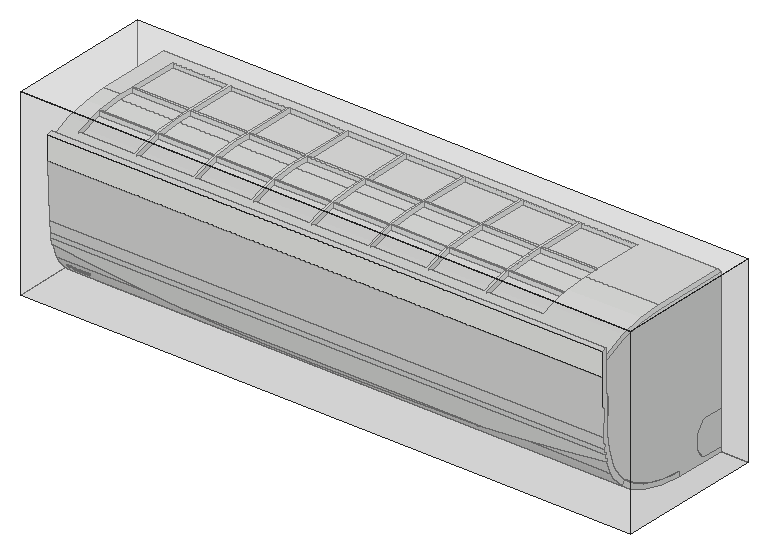
Revit family "outputfile", category 機械設備, Revit 2024
Family settings
  丸型コネクタ寸法 = 半径を使用
  パーツ タイプ = 標準
  OmniClass 番号 = 23.75.10.24.21.27.27
  OmniClass タイトル = Split System Air Conditioning Units
  作業面ベース = いいえ
  常に垂直 = はい
  ロード時にボイドで切り取り = いいえ
  注釈の向きを維持 = いいえ
  共有 = いいえ
  部屋計算ポイント = いいえ
Parameters (values of type "CTKC18SV2S")
  Description = ""
  書き出し IFC クラス(タイプ) = "IfcUnitaryEquipmentType"
  定義済み IFC タイプ(タイプ) = "AIRCONDITIONINGUNIT"
  Cost = 0
  Type Comments = ""
  Keynote = ""
  Type Image = (empty or 0)
  Assembly Code = ""
  w_wall hole = if(Width = 770.0 mm, 48.0 mm, 60.0 mm)  # 60.0 mm
  製造元 = "Daikin"
  モデル = "CTKC18SV2S"
  switch_frequency = yes
  r_Liquid Pipe Size = Liquid Pipe Size / 2  # 3.2 mm
  r_Gas Pipe Size = Gas Pipe Size / 2  # 6.35 mm
  r_Drain Pipe Size = Drain Pipe Size / 2  # 8.0 mm
  lw_powersupply [instance] = if(Width = 770.0 mm, if(or(Rear Right Connection_refrigerant, Bottom Right Connection_refrigerant), 25.0 mm, if(or(Rear Left Connection_refrigerant, Bottom Left Connection_refrigerant), 745.0 mm, 400.0 mm)), if(Width = 990.0 mm, if(or(Rear Right Connection_refrigerant, Bottom Right Connection_refrigerant), 40.0 mm, if(or(Rear Left Connection_refrigerant, Bottom Left Connection_refrigerant), 920.0 mm, 400.0 mm)), if(or(Rear Right Connection_refrigerant, Bottom Right Connection_refrigerant), 40.0 mm, if(or(Rear Left Connection_refrigerant, Bottom Left Connection_refrigerant), 920.0 mm, 400.0 mm))))  # 400.0 mm
  lw_liquidpipe [instance] = if(Width = 770.0 mm, if(or(Rear Right Connection_refrigerant, Bottom Right Connection_refrigerant), 0.0 mm, if(or(Rear Left Connection_refrigerant, Bottom Left Connection_refrigerant), 664.0 mm, 385.0 mm)), if(Width = 990.0 mm, if(or(Rear Right Connection_refrigerant, Bottom Right Connection_refrigerant), 0.0 mm, if(or(Rear Left Connection_refrigerant, Bottom Left Connection_refrigerant), 664.0 mm + (990.0 mm - 770.0 mm), 475.0 mm)), if(or(Rear Right Connection_refrigerant, Bottom Right Connection_refrigerant), 0.0 mm, if(or(Rear Left Connection_refrigerant, Bottom Left Connection_refrigerant), 664.0 mm + (990.0 mm - 770.0 mm), 475.0 mm))))  # 475.0 mm
  lw_gaspipe [instance] = if(Width = 770.0 mm, if(or(Rear Right Connection_refrigerant, Bottom Right Connection_refrigerant), 0.0 mm, if(or(Rear Left Connection_refrigerant, Bottom Left Connection_refrigerant), 675.0 mm, if(Gas Pipe Size = 12.7 mm, 345.0 mm, 335.0 mm))), if(Width = 990.0 mm, if(or(Rear Right Connection_refrigerant, Bottom Right Connection_refrigerant), 10.0 mm, if(or(Rear Left Connection_refrigerant, Bottom Left Connection_refrigerant), 890.0 mm, if(Gas Pipe Size = 15.9 mm, 410.0 mm, 400.0 mm))), if(or(Rear Right Connection_refrigerant, Bottom Right Connection_refrigerant), 10.0 mm, if(or(Rear Left Connection_refrigerant, Bottom Left Connection_refrigerant), 890.0 mm, if(Gas Pipe Size = 15.9 mm, 410.0 mm, 400.0 mm)))))  # 400.0 mm
  lw_drainpipe [instance] = if(Width = 770.0 mm, if(or(Rear Right Connection_refrigerant, Bottom Right Connection_refrigerant), 0.0 mm, if(or(Rear Left Connection_refrigerant, Bottom Left Connection_refrigerant), 770.0 mm - 48.0 mm - 48.0 mm, 440.0 mm)), if(Width = 990.0 mm, if(or(Rear Right Connection_refrigerant, Bottom Right Connection_refrigerant), 0.0 mm, if(or(Rear Left Connection_refrigerant, Bottom Left Connection_refrigerant), 675.0 mm + (990.0 mm - 770.0 mm), 435.0 mm)), if(or(Rear Right Connection_refrigerant, Bottom Right Connection_refrigerant), 0.0 mm, if(or(Rear Left Connection_refrigerant, Bottom Left Connection_refrigerant), 675.0 mm + (990.0 mm - 770.0 mm), 435.0 mm))))  # 435.0 mm
  l_powersupply_length [instance] = if(Width = 770.0 mm, if(Right Connection_refrigerant, 400.0 mm, if(Left Connection_refrigerant, 770.0 mm - 400.0 mm, if(or(Rear Left Connection_refrigerant, Rear Right Connection_refrigerant), 15.0 mm, 50.0 mm))), if(Width = 990.0 mm, if(Right Connection_refrigerant, 400.0 mm, if(Left Connection_refrigerant, 990.0 mm - 400.0 mm, if(or(Rear Left Connection_refrigerant, Rear Right Connection_refrigerant), 15.0 mm, 50.0 mm))), if(Right Connection_refrigerant, 400.0 mm, if(Left Connection_refrigerant, 990.0 mm - 400.0 mm, if(or(Rear Left Connection_refrigerant, Rear Right Connection_refrigerant), 15.0 mm, 50.0 mm)))))  # 400.0 mm
  l_liquidpipe_length [instance] = if(Width = 770.0 mm, if(Right Connection_refrigerant, 433.0 mm, if(Left Connection_refrigerant, 337.0 mm, if(or(Rear Left Connection_refrigerant, Rear Right Connection_refrigerant), 30.0 mm, 40.0 mm))), if(Width = 990.0 mm, if(Right Connection_refrigerant, 535.0 mm, if(Left Connection_refrigerant, 455.0 mm, if(or(Rear Left Connection_refrigerant, Rear Right Connection_refrigerant), 30.0 mm, 40.0 mm))), if(Right Connection_refrigerant, 535.0 mm, if(Left Connection_refrigerant, 455.0 mm, if(or(Rear Left Connection_refrigerant, Rear Right Connection_refrigerant), 30.0 mm, 40.0 mm)))))  # 535.0 mm
  l_gaspipe_length [instance] = if(Width = 770.0 mm, if(Right Connection_refrigerant, if(Gas Pipe Size = 12.7 mm, 393.0 mm, 383.0 mm), if(Left Connection_refrigerant, if(Gas Pipe Size = 12.7 mm, 770.0 mm - 393.0 mm, 770.0 mm - 383.0 mm), if(or(Rear Left Connection_refrigerant, Rear Right Connection_refrigerant), 40.0 mm, 50.0 mm))), if(Width = 990.0 mm, if(Right Connection_refrigerant, if(Gas Pipe Size = 15.9 mm, 470.0 mm, 460.0 mm), if(Left Connection_refrigerant, if(Gas Pipe Size = 15.9 mm, 990.0 mm - 470.0 mm, 990.0 mm - 460.0 mm), if(or(Rear Left Connection_refrigerant, Rear Right Connection_refrigerant), 40.0 mm, 50.0 mm))), if(Right Connection_refrigerant, if(Gas Pipe Size = 15.9 mm, 470.0 mm, 460.0 mm), if(Left Connection_refrigerant, if(Gas Pipe Size = 15.9 mm, 990.0 mm - 470.0 mm, 990.0 mm - 460.0 mm), if(or(Rear Left Connection_refrigerant, Rear Right Connection_refrigerant), 40.0 mm, 50.0 mm)))))  # 460.0 mm
  l_drainpipe_length [instance] = if(Width = 770.0 mm, if(Right Connection_refrigerant, 488.0 mm, if(Left Connection_refrigerant, 282.0 mm, if(or(Rear Left Connection_refrigerant, Rear Right Connection_refrigerant), 15.0 mm, 20.0 mm))), if(Width = 990.0 mm, if(Right Connection_refrigerant, 495.0 mm, if(Left Connection_refrigerant, 495.0 mm, if(or(Rear Left Connection_refrigerant, Rear Right Connection_refrigerant), 15.0 mm, 20.0 mm))), if(Right Connection_refrigerant, 495.0 mm, if(Left Connection_refrigerant, 495.0 mm, if(or(Rear Left Connection_refrigerant, Rear Right Connection_refrigerant), 15.0 mm, 20.0 mm)))))  # 495.0 mm
  h*** = 0.0 mm  # constant formula
  connector_voltage = Voltage_50Hz  # 220 V
  connector_powerinput = [Power Input (Cooling)]  # 0.000 kW
  connector_phase = Phase_50Hz  # 1
  angle_vertical [instance] = if(or(Bottom Left Connection_refrigerant, Bottom Right Connection_refrigerant), 0.00°, 90.00°)  # 90.00°
  angle_horizontal [instance] = if(Right Connection_refrigerant, 90.00°, if(Left Connection_refrigerant, -90.00°, if(or(Rear Left Connection_refrigerant, Rear Right Connection_refrigerant), 180.00°, 0.00°)))  # 90.00°
  Width = 990.0 mm
  Voltage_comment_50Hz = "220 - 240"
  Voltage_50Hz = 220 V
  Version = "ver.1.0"
  Unit Type = "Wall Mounted"
  Unit Mass Weight = 12.00 kg
  Unit Designation [instance] = ""
  Uniclass2015Version = "Products v1.30"
  Uniclass2015Title = "Split coil room air conditioning units"
  Uniclass2015Code = "Pr_70_65_03_86"
  URL = ""
  Total Cooling Capacity [instance] = 0.000 kW
  Sound Pressure Level_M speed (dBA) = 40
  Sound Pressure Level_L speed (dBA) = 35
  Sound Pressure Level_H speed (dBA) = 44
  Sound Power Level_H speed (dB) = 0
  Series = "Multi Split_Fan Coil Unit"
  Sensible Cooling Capacity [instance] = 0.000 kW
  Refrigerant Type = "R32"
  Power Input (Cooling) = 0.000 kW
  Phase_50Hz = 1
  Option Accessory 3 [instance] = ""
  Option Accessory 2 [instance] = ""
  Option Accessory 1 [instance] = ""
  Nominal Cooling Capacity = 5.000 kW
  Minimum Circuit Amps_50Hz = 0.0 A
  Minimum Airflow = 900.00 m³/h
  Median Airflow = 1030.00 m³/h
  Maximum Fuse Amps_50Hz = 0.0 A
  Maximum Airflow = 1150.00 m³/h
  Material_Casing = DAIKIN_White_Casing_indoorunit
  Load Classification = HVAC
  Liquid Pipe Size = 6.4 mm
  Link_Nested Family [instance] = ""
  IfcVersion = ""
  IfcExportType = "AIRCONDITIONINGUNIT"
  IfcExportAs = "IfcUnitaryEquipmentType"
  Height = 295.0 mm
  Heat Exchanger Type = "Cross Fin Coil"
  Gas Pipe Size = 12.7 mm
  Frequency_50Hz = 50 Hz
  Fan Type = "Cross Flow Fan"
  Fan Drive = "Direct Drive"
  FCU Tag No. [instance] = ""
  Drain Pipe Size = 16.0 mm
  Design Supply Airflow [instance] = 0.00 m³/h
  Depth = 263.0 mm
  既定の高さ = 0.0 mm
  Cooling Entering Wet Bulb Temperature [instance] = 0.00 °C
  Cooling Entering Dry Bulb Temperature [instance] = 0.00 °C
  Cooling Ambient Wet Bulb Temperature [instance] = 0.00 °C
  Cooling Ambient Dry Bulb Temperature [instance] = 0.00 °C
  Clearance visibility [instance] = yes
  Clearance Top = 30.0 mm
  Clearance Right = 50.0 mm
  Clearance Rear = 0.0 mm
  Clearance Left = 50.0 mm
  Clearance Front = 0.0 mm
  Clearance Bottom = 0.0 mm
  Bottom Right Connection_refrigerant [instance] = no
  Bottom Left Connection_refrigerant [instance] = no
  Rear Right Connection_refrigerant [instance] = no
  Rear Left Connection_refrigerant [instance] = no
  Right Connection_refrigerant [instance] = yes
  Left Connection_refrigerant [instance] = no
Reference planes
  plane 1 "Back": y = 0
  plane 2: z = 0
  plane 3 "Center (Left/Right)": x = 0
  plane 4 "Center (Front/Back)": y = -131.5
  plane 5 "Front": y = -263
  plane 6 "Left": x = -495
  plane 7 "Right": x = 495
  plane 8 "Top": z = 0
  plane 9 "Bottom": z = -295
  plane 10: x = -545
  plane 11: x = 545
  plane 12: y = 0
  plane 13: y = -263
  plane 14: z = 30
  plane 15: z = -295
  plane 16 "lw_Piping and Wiring intake": x = 435
  plane 17 "lw_gaspipe": x = 35
  plane 18 "lw_liquidpipe": x = -40
  plane 19 "lw_drainpipe": x = 0
  plane 20 "lh_drainpipe": z = -275
  plane 21 "lh_liquidpipe": z = -255
  plane 22 "lh_gaspipe": z = -245
  plane 23 "ld_drainpipe": y = -15
  plane 24 "ld_liquidpipe": y = -30
  plane 25 "ld_gaspipe": y = -40
  plane 26 "lw_powersupply": x = 95
Dimensions and locks
  equal spacing: plane 6 "Left", plane 3 "Center (Left/Right)", plane 7 "Right"
  "Width": plane 6 "Left" to plane 7 "Right"
  equal spacing: plane 5 "Front", plane 4 "Center (Front/Back)", plane 1 "Back"
  "Depth": plane 5 "Front" to plane 1 "Back"
  "Height": plane 8 "Top" to plane 9 "Bottom"
  "Clearance Rear": plane 12 to plane 1 "Back"
  "Clearance Front": plane 13 to plane 5 "Front"
  "Clearance Top": plane 14 to plane 8 "Top"
  "Clearance Bottom": plane 9 "Bottom" to plane 15
  "w_wall hole": plane 16 "lw_Piping and Wiring intake" to plane 7 "Right"
  "lw_gaspipe": plane 17 "lw_gaspipe" to plane 16 "lw_Piping and Wiring intake"
  "lw_liquidpipe": plane 18 "lw_liquidpipe" to plane 16 "lw_Piping and Wiring intake"
  "lw_drainpipe": plane 19 "lw_drainpipe" to plane 16 "lw_Piping and Wiring intake"
  locked: plane 20 "lh_drainpipe" to plane 9 "Bottom" at 20
  locked: plane 21 "lh_liquidpipe" to plane 9 "Bottom" at 40
  locked: plane 22 "lh_gaspipe" to plane 9 "Bottom" at 50
  locked: plane 23 "ld_drainpipe" to plane 1 "Back" at 15
  locked: plane 1 "Back" to plane 24 "ld_liquidpipe" at 30
  locked: plane 1 "Back" to plane 25 "ld_gaspipe" at 40
  "lw_powersupply": plane 26 "lw_powersupply" to plane 7 "Right"
  "Clearance Right": plane 7 "Right" to plane 11
  "Clearance Left": plane 10 to plane 6 "Left"
  aligned and locked: level to plane 2
  aligned and locked: plane 12 to nested 1
  aligned and locked: nested 1 to plane 13
  aligned and locked: plane 10 to nested 1
  aligned and locked: plane 11 to nested 1
  aligned and locked: plane 15 to nested 1
  aligned and locked: plane 14 to nested 1
  aligned and locked: plane 17 "lw_gaspipe" to nested 2
  aligned and locked: nested 2 to plane 25 "ld_gaspipe"
  aligned and locked: plane 18 "lw_liquidpipe" to nested 3
  aligned and locked: nested 3 to plane 24 "ld_liquidpipe"
  aligned and locked: plane 19 "lw_drainpipe" to nested 4
  aligned and locked: nested 4 to plane 23 "ld_drainpipe"
  aligned and locked: nested 5 to plane 23 "ld_drainpipe"
  aligned and locked: plane 26 "lw_powersupply" to nested 5
  aligned and locked: level to plane 8 "Top"
  aligned and locked: plane 3 "Center (Left/Right)" to nested 6
  aligned and locked: plane 1 "Back" to nested 6
  aligned and locked: plane 8 "Top" to nested 6
Nested families
  nested 1: "daikin_clearancespace" at (0, -131.5, -132.381), show <- "Clearance visibility", visible <- "Clearance visibility", Link_Nested Family <- "Link_Nested Family", type "daikin_clearancespace"
    with width 1090.0 mm, show yes, height 325.0 mm, depth 263.0 mm, Link_Nested Family ""
  nested 2: "daikin_connector_rotate3" at (35, -40, -245), angle_vertical <- "angle_vertical", angle_horizontal <- "angle_horizontal", length <- "l_gaspipe_length", radius <- "r_Gas Pipe Size", type "daikin_connector_rotate3"
    with show no, radius 6.35 mm, length 460.0 mm, angle_vertical 90.00°, angle_horizontal 90.00°
  nested 3: "daikin_connector_rotate3" at (-40, -30, -255), angle_vertical <- "angle_vertical", angle_horizontal <- "angle_horizontal", radius <- "r_Liquid Pipe Size", length <- "l_liquidpipe_length", type "daikin_connector_rotate3"
    with show no, radius 3.2 mm, length 535.0 mm, angle_vertical 90.00°, angle_horizontal 90.00°
  nested 4: "daikin_connector_rotate3" at (0, -15, -275), angle_vertical <- "angle_vertical", angle_horizontal <- "angle_horizontal", length <- "l_drainpipe_length", radius <- "r_Drain Pipe Size", type "daikin_connector_rotate3"
    with show no, radius 8.0 mm, length 495.0 mm, angle_vertical 90.00°, angle_horizontal 90.00°
  nested 5: "daikin_connector_rotate3" at (95, -15, -245), angle_vertical <- "angle_vertical", angle_horizontal <- "angle_horizontal", length <- "l_powersupply_length", type "daikin_connector_rotate3"
    with show no, radius 10.0 mm, length 400.0 mm, angle_vertical 90.00°, angle_horizontal 90.00°
  nested 6: "DAIKIN_indoorunit_CTKC-SV2S" at (-31, 0, 0), type "CTKC-SV2S"
Connectors
  piping at (495, -40, -245), diameter 12.7, driven by "r_Gas Pipe Size"
    settings: on nested 2, index 1, connector inside diameter 609.6 mm, connector length 0.0 mm, flow factor 0, pipe flow 0.00 m³/h, pressure drop 0.0 Pa, fitting loss kfactor 0, connector angle 0.00°, fixture units 0, engagement length 0.0 mm, angle of deflection 0.00°, flow configuration 1, flow direction 2, fitting loss method 0, system type 29, joint type 0, gender type 0, connector reference index -1, connector utility 0, adjustable connector no, is connector primary yes, connector description "Refrigerant Gas Piping"
  piping at (495, -30, -255), diameter 6.4, driven by "r_Liquid Pipe Size"
    settings: on nested 3, index 2, connector inside diameter 609.6 mm, connector length 0.0 mm, flow factor 0, pipe flow 0.00 m³/h, pressure drop 0.0 Pa, fitting loss kfactor 0, connector angle 0.00°, fixture units 0, engagement length 0.0 mm, angle of deflection 0.00°, flow configuration 1, flow direction 1, fitting loss method 0, system type 29, joint type 0, gender type 0, connector reference index -1, connector utility 0, adjustable connector no, is connector primary no, connector description "Refrigerant Liquid Piping"
  piping at (495, -15, -275), diameter 16, driven by "r_Drain Pipe Size"
    settings: on nested 4, index 3, connector inside diameter 609.6 mm, connector length 0.0 mm, flow factor 0, pipe flow 0.00 m³/h, pressure drop 0.0 Pa, fitting loss kfactor 0, connector angle 0.00°, fixture units 0, engagement length 0.0 mm, angle of deflection 0.00°, flow configuration 1, flow direction 2, fitting loss method 4, system type 16, joint type 0, gender type 0, connector reference index -1, connector utility 0, adjustable connector no, is connector primary no, connector description "Condensate Drain Piping"
  electrical at (495, -15, -245), driven by "Load Classification", driven by "connector_voltage", driven by "connector_phase", driven by "connector_powerinput"
    settings: on nested 5, index 4, voltage 220 V, apparent load 0 VA, apparent load phase1 0 VA, apparent load phase2 0 VA, apparent load phase3 0 VA, power factor 1, load classification "HVAC", number of poles 1, system type 30, power factor state 1, is connector primary yes, connector utility no, sub classification motor no, connector description "Power Supply"
Definition of nested family "daikin_clearancespace"
  Parameters (values of type "daikin_clearancespace")
    Description = "daikin_clearancespace"
    width [instance] = 1823.963 mm
    show [instance] = yes
    material = none
    height [instance] = 1359.762 mm
    depth [instance] = 880.0 mm
    Default Elevation = 0.0 mm
    Link_Nested Family [instance] = ""
  Reference planes
    plane 1 "Center (Front/Back)": y = 0
    plane 2 "Center (Elevation)": z = -0.119
    plane 3 "Center (Left/Right)": x = 0
    plane 4: y = 440
    plane 5: y = -440
    plane 6 "Right": x = 911.982
    plane 7 "Left": x = -911.982
    plane 8 "Top": z = 679.762
    plane 9 "Bottom": z = -680
  Forms (mm)
    Extrusion 1, solid, material <- "material", visible <- "show"
      sketch origin (0, 0, 0) x (1, 0, 0) y (0, 1, 0)
        loop
          line (-911.982, 440) -> (-911.982, -440) -> (911.982, -440) -> (911.982, 440) -> (-911.982, 440)
      from -680 to 679.762
  Lines and regions (mm)
    symbolic lines, visible <- "show"
      curve 1: line (911.982, 440, 0) -> (-911.982, 440, 0)
      curve 2: line (-911.982, 440, 0) -> (-911.982, -440, 0)
      curve 3: line (-911.982, -440, 0) -> (911.982, -440, 0)
      curve 4: line (911.982, -440, 0) -> (911.982, 440, 0)
      curve 5: line (911.982, 0, 679.762) -> (-911.982, 0, 679.762)
      curve 6: line (911.982, 0, -680) -> (911.982, 0, 679.762)
      curve 7: line (-911.982, 0, -680) -> (911.982, 0, -680)
      curve 8: line (-911.982, 0, 679.762) -> (-911.982, 0, -680)
      curve 9: line (0, 440, 679.762) -> (0, -440, 679.762)
      curve 10: line (0, -440, 679.762) -> (0, -440, -680)
      curve 11: line (0, 440, -680) -> (0, 440, 679.762)
      curve 12: line (0, -440, -680) -> (0, 440, -680)
  Dimensions and locks
    "width": plane 7 "Left" to plane 6 "Right"
    "depth": plane 4 to plane 5
    "height": plane 8 "Top" to plane 9 "Bottom"
    equal spacing: plane 7 "Left", plane 3 "Center (Left/Right)", plane 6 "Right"
    equal spacing: plane 4, plane 1 "Center (Front/Back)", plane 5
    equal spacing: plane 8 "Top", plane 2 "Center (Elevation)", plane 9 "Bottom"
    aligned and locked: level to plane 2 "Center (Elevation)"
    aligned and locked: Extrusion 1 sketch curve to plane 4
    aligned and locked: plane 7 "Left" to Extrusion 1 sketch curve
    aligned and locked: Extrusion 1 sketch curve to plane 5
    aligned and locked: Extrusion 1 sketch curve to plane 6 "Right"
    aligned and locked: plane 8 "Top" to Extrusion 1
    aligned and locked: curve 1 to Extrusion 1
    aligned and locked: curve 2 to Extrusion 1
    aligned and locked: curve 3 to Extrusion 1
    aligned and locked: curve 4 to Extrusion 1
    aligned and locked: curve 5 to Extrusion 1
    aligned and locked: curve 6 to Extrusion 1
    aligned and locked: curve 7 to Extrusion 1
    aligned and locked: curve 8 to Extrusion 1
    aligned and locked: curve 9 to Extrusion 1
    aligned and locked: curve 10 to Extrusion 1
    aligned and locked: curve 11 to Extrusion 1
    aligned and locked: curve 12 to Extrusion 1
    aligned and locked: Extrusion 1 to plane 9 "Bottom"
Definition of nested family "DAIKIN_indoorunit_CTKC-SV2S"
  Parameters (values of type "CTKC-RV2S")
    Material_Casing = none
    Default Elevation = 0.0 mm
  Reference planes
    plane 1 "Center (Front/Back)": y = 0
    plane 2 "reference_level": z = 0
    plane 3 "Center (Left/Right)": x = 31
    plane 4: x = -464
    plane 5: x = 526
    plane 6: z = -295
  Forms (mm)
    Extrusion 1, solid, material <- "Material_Casing"
      sketch origin (31, 0, 0) x (1, 0, 0) y (0, 0, 1)
        loop
          circle (435, -250.5) r 40
        loop
          circle (-447, -250.5) r 40
      from 0 to 5
    Extrusion 2, solid, material <- "Material_Casing"
      sketch origin (31, 0, 0) x (0, 1, 0) y (0, 0, 1)
        loop
          line (-5, 0) -> (-138, 0)
          arc (-138, 0) -> (-197.611, -7.211) -> (-253.783, -28.427) r 250
          arc (-253.783, -28.427) -> (-253.838, -32.687) -> (-253.886, -36.946) r 2191
          arc (-253.886, -36.946) -> (-197.73, -15.346) -> (-138.014, -8) r 246.393
          line (-138.014, -8) -> (0, -8) -> (-5, 0)
      from -495 to 495
    Extrusion 3, solid, material <- "Material_Casing"
      sketch origin (418, 1296.25, 1200) x (0, 1, 0) y (0, 0, 1)
        loop
          arc (-1515.208, -1454.149) -> (-1506.856, -1460.599) -> (-1497.925, -1466.219) r 110
          arc (-1497.925, -1466.219) -> (-1445.718, -1487.493) -> (-1389.844, -1494.995) r 223
          line (-1389.844, -1494.995) -> (-1389.844, -1486.086) -> (-1404.386, -1486.086)
          arc (-1404.386, -1486.086) -> (-1449.542, -1477.46) -> (-1491.818, -1459.402) r 214.289
          arc (-1491.818, -1459.402) -> (-1501.056, -1453.541) -> (-1509.606, -1446.715) r 101
          line (-1509.606, -1446.715) -> (-1515.208, -1454.149)
      from 108 to 57.5
    Extrusion 4, solid, material <- "Material_Casing"
      sketch origin (31, 0, 0) x (0, 1, 0) y (0, 0, 1)
        loop
          line (-263, -19.962) -> (-263, -61.6)
          arc (-263, -61.6) -> (-262.414, -110.219) -> (-260.656, -158.81) r 2017.341
          arc (-260.656, -158.81) -> (-255.648, -191.935) -> (-244.041, -223.362) r 164.725
          arc (-244.041, -223.362) -> (-233.569, -239.793) -> (-219.717, -253.495) r 87.379
          line (-219.717, -253.495) -> (-214.706, -246.846)
          arc (-214.706, -246.846) -> (-229.564, -230.029) -> (-240.385, -210.371) r 102
          arc (-240.385, -210.371) -> (-249.049, -182.962) -> (-252.848, -154.467) r 165.789
          arc (-252.848, -154.467) -> (-254.771, -90.102) -> (-254.74, -25.708) r 2122.533
          arc (-254.74, -25.708) -> (-254.671, -21.469) -> (-254.594, -17.23) r 2192
          line (-254.594, -17.23) -> (-263, -19.962)
      from -495 to 495
    Extrusion 5, void
      sketch origin (33, 0, 0) x (1, 0, 0) y (0, 1, 0)
        loop
          line (-466.909, -22.316) -> (-466.909, -111.341) -> (-366.303, -111.341) -> (-366.303, -22.316) -> (-466.909, -22.316)
        loop
          line (-362.71, -22.316) -> (-362.71, -111.341) -> (-262.103, -111.341) -> (-262.103, -22.316) -> (-362.71, -22.316)
        loop
          line (-258.51, -22.316) -> (-258.51, -111.341) -> (-157.904, -111.341) -> (-157.904, -22.316) -> (-258.51, -22.316)
        loop
          line (-154.31, -22.316) -> (-154.31, -111.341) -> (-53.704, -111.341) -> (-53.704, -22.316) -> (-154.31, -22.316)
        loop
          line (-50.11, -22.316) -> (-50.11, -111.341) -> (50.496, -111.341) -> (50.496, -22.316) -> (-50.11, -22.316)
        loop
          line (54.089, -22.316) -> (54.089, -111.341) -> (154.696, -111.341) -> (154.696, -22.316) -> (54.089, -22.316)
        loop
          line (158.289, -22.316) -> (158.289, -111.341) -> (258.895, -111.341) -> (258.895, -22.316) -> (158.289, -22.316)
        loop
          line (262.489, -22.316) -> (262.489, -111.341) -> (363.095, -111.341) -> (363.095, -22.316) -> (262.489, -22.316)
        loop
          line (-466.909, -114.459) -> (-466.909, -185.059) -> (-366.303, -185.059) -> (-366.303, -114.459) -> (-466.909, -114.459)
        loop
          line (-362.71, -114.459) -> (-362.71, -185.059) -> (-262.103, -185.059) -> (-262.103, -114.459) -> (-362.71, -114.459)
        loop
          line (-258.51, -114.459) -> (-258.51, -185.059) -> (-157.904, -185.059) -> (-157.904, -114.459) -> (-258.51, -114.459)
        loop
          line (-154.31, -114.459) -> (-154.31, -185.059) -> (-53.704, -185.059) -> (-53.704, -114.459) -> (-154.31, -114.459)
        loop
          line (-50.11, -114.459) -> (-50.11, -185.059) -> (50.496, -185.059) -> (50.496, -114.459) -> (-50.11, -114.459)
        loop
          line (54.089, -114.459) -> (54.089, -185.059) -> (154.696, -185.059) -> (154.696, -114.459) -> (54.089, -114.459)
        loop
          line (158.289, -114.459) -> (158.289, -185.059) -> (258.895, -185.059) -> (258.895, -114.459) -> (158.289, -114.459)
        loop
          line (262.489, -114.459) -> (262.489, -185.059) -> (363.095, -185.059) -> (363.095, -114.459) -> (262.489, -114.459)
        loop
          line (-466.909, -187.382) -> (-466.909, -232.681) -> (-366.303, -232.681) -> (-366.303, -187.382) -> (-466.909, -187.382)
        loop
          line (-362.71, -187.382) -> (-362.71, -232.681) -> (-262.103, -232.681) -> (-262.103, -187.382) -> (-362.71, -187.382)
        loop
          line (-258.51, -187.382) -> (-258.51, -232.681) -> (-157.904, -232.681) -> (-157.904, -187.382) -> (-258.51, -187.382)
        loop
          line (-154.31, -187.382) -> (-154.31, -232.681) -> (-53.704, -232.681) -> (-53.704, -187.382) -> (-154.31, -187.382)
        loop
          line (-50.11, -187.382) -> (-50.11, -232.681) -> (50.496, -232.681) -> (50.496, -187.382) -> (-50.11, -187.382)
        loop
          line (54.089, -187.382) -> (54.089, -232.681) -> (154.696, -232.681) -> (154.696, -187.382) -> (54.089, -187.382)
        loop
          line (158.289, -187.382) -> (158.289, -232.681) -> (258.895, -232.681) -> (258.895, -187.382) -> (158.289, -187.382)
        loop
          line (262.489, -187.382) -> (262.489, -232.681) -> (363.095, -232.681) -> (363.095, -187.382) -> (262.489, -187.382)
      from -40.013 to 47.268
    Extrusion 6, void
      sketch origin (33, 0, 2300) x (1, 0, 0) y (0, 0, 1)
        loop
          line (705, -2672.872) -> (705, -2462.4)
          arc (705, -2462.4) -> (-2.043, -2534.819) -> (-709, -2461.567) r 3467.757
          line (-709, -2461.567) -> (-709, -2672.872) -> (705, -2672.872)
      from 173 to 315.3
    Extrusion 7, solid, material <- "Material_Casing"
      sketch origin (-356, 1296.25, 1200) x (0, 1, 0) y (0, 0, -1)
        loop
          line (-1515.208, 1454.149) -> (-1509.606, 1446.715)
          arc (-1509.606, 1446.715) -> (-1501.056, 1453.541) -> (-1491.818, 1459.402) r 101
          arc (-1491.818, 1459.402) -> (-1449.542, 1477.46) -> (-1404.386, 1486.086) r 214.289
          line (-1404.386, 1486.086) -> (-1389.844, 1486.086) -> (-1389.844, 1494.995)
          arc (-1389.844, 1494.995) -> (-1445.718, 1487.493) -> (-1497.925, 1466.219) r 223
          arc (-1497.925, 1466.219) -> (-1506.856, 1460.599) -> (-1515.208, 1454.149) r 110
      from 108 to 61
    Extrusion 8, solid, material <- "Material_Casing"
      sketch origin (418, 1296.25, 1200) x (0, 1, 0) y (0, 0, 1)
        loop
          arc (-1515.208, -1454.149) -> (-1506.856, -1460.599) -> (-1497.925, -1466.219) r 110
          arc (-1497.925, -1466.219) -> (-1463.185, -1482.066) -> (-1426.25, -1491.755) r 223
          line (-1426.25, -1491.755) -> (-1426.25, -1483.166)
          arc (-1426.25, -1483.166) -> (-1460.008, -1473.969) -> (-1491.818, -1459.402) r 214.289
          arc (-1491.818, -1459.402) -> (-1501.056, -1453.541) -> (-1509.606, -1446.715) r 101
          line (-1509.606, -1446.715) -> (-1515.208, -1454.149)
      from 56.5 to -36.993
    Extrusion 9, solid, material <- "Material_Casing"
      sketch origin (418, 1296.25, 1200) x (0, 1, 0) y (0, 0, 1)
        loop
          arc (-1426.25, -1483.166) -> (-1443.442, -1479.224) -> (-1460.25, -1473.881) r 214.289
          line (-1460.25, -1473.881) -> (-1460.25, -1483.089)
          arc (-1460.25, -1483.089) -> (-1443.421, -1488.091) -> (-1426.25, -1491.755) r 223
          line (-1426.25, -1491.755) -> (-1426.25, -1483.166)
      from -43.493 to -828.893
    Extrusion 10, solid, material <- "Material_Casing"
      sketch origin (418, 1296.25, 1200) x (0, 1, 0) y (0, 0, 1)
        loop
          arc (-1515.208, -1454.149) -> (-1506.856, -1460.599) -> (-1497.925, -1466.219) r 110
          arc (-1497.925, -1466.219) -> (-1479.479, -1475.527) -> (-1460.25, -1483.089) r 223
          line (-1460.25, -1483.089) -> (-1460.25, -1473.881)
          arc (-1460.25, -1473.881) -> (-1476.328, -1467.282) -> (-1491.818, -1459.402) r 214.289
          arc (-1491.818, -1459.402) -> (-1501.056, -1453.541) -> (-1509.606, -1446.715) r 101
          line (-1509.606, -1446.715) -> (-1515.208, -1454.149)
      from -43.493 to -828.893
    Extrusion 11, solid, material <- "Material_Casing"
      sketch origin (31, 0, 0) x (0, 1, 0) y (0, 0, 1)
        loop
          arc (-217.78, -250.924) -> (-234.088, -233.307) -> (-245.826, -212.366) r 102
          arc (-245.826, -212.366) -> (-251.608, -196.062) -> (-255.659, -179.245) r 165.789
          line (-255.659, -179.245) -> (-258.299, -179.737)
          arc (-258.299, -179.737) -> (-257.524, -183.799) -> (-256.646, -187.84) r 164.725
          arc (-256.646, -187.84) -> (-252.868, -206.25) -> (-249.973, -224.82) r 393.089
          arc (-249.973, -224.82) -> (-239.237, -236.969) -> (-227.451, -248.102) r 180
          arc (-227.451, -248.102) -> (-223.723, -250.998) -> (-219.717, -253.495) r 45.878
          line (-219.717, -253.495) -> (-217.78, -250.924)
      from -495 to 495
    Extrusion 12, solid, material <- "Material_Casing"
      sketch origin (31, 0, -30) x (0, 1, 0) y (0, 0, 1)
        loop
          line (0, 22) -> (-138.014, 22)
          arc (-138.014, 22) -> (-197.73, 14.654) -> (-253.886, -6.946) r 246.393
          arc (-253.886, -6.946) -> (-253.682, -65.635) -> (-251.855, -124.295) r 2120.935
          arc (-251.855, -124.295) -> (-248.086, -152.682) -> (-239.461, -179.988) r 164.789
          arc (-239.461, -179.988) -> (-228.903, -199.231) -> (-214.437, -215.738) r 101
          line (-214.437, -215.738) -> (-212.406, -216.221)
          arc (-212.406, -216.221) -> (-204.07, -222.837) -> (-195.079, -228.53) r 100
          arc (-195.079, -228.53) -> (-145.557, -248.629) -> (-92.593, -255.785) r 213.289
          line (-92.593, -255.785) -> (-92.593, -265) -> (0, -265) -> (0, 22)
      from -495 to 495
    Extrusion 13, solid, material <- "Material_Casing"
      sketch origin (526, 1296.25, 1200) x (0, -1, 0) y (0, 0, 1)
        loop
          line (1326.25, -1427.035) -> (1296.25, -1427.035) -> (1296.25, -1487.035) -> (1326.25, -1487.035)
          arc (1326.25, -1487.035) -> (1340.393, -1481.177) -> (1346.25, -1467.035) r 20
          line (1346.25, -1467.035) -> (1346.25, -1447.035)
          arc (1346.25, -1447.035) -> (1340.393, -1432.892) -> (1326.25, -1427.035) r 20
      from 0 to 5
    Extrusion 14, solid, material <- "Material_Casing"
      sketch origin (-459, 1296.25, 1200) x (0, -1, 0) y (0, 0, 1)
        loop
          line (1326.25, -1427.035) -> (1296.25, -1427.035) -> (1296.25, -1487.035) -> (1326.25, -1487.035)
          arc (1326.25, -1487.035) -> (1340.393, -1481.177) -> (1346.25, -1467.035) r 20
          line (1346.25, -1467.035) -> (1346.25, -1447.035)
          arc (1346.25, -1447.035) -> (1340.393, -1432.892) -> (1326.25, -1427.035) r 20
      from 0 to 5
    Extrusion 15, solid, material <- "Material_Casing"
      sketch origin (31, 200, -295) x (-1, 0, 0) y (0, -1, 0)
        loop
          line (469, 200) -> (469, 230)
          arc (469, 230) -> (463.142, 244.142) -> (449, 250) r 20
          line (449, 250) -> (429, 250)
          arc (429, 250) -> (414.858, 244.142) -> (409, 230) r 20
          line (409, 230) -> (409, 200) -> (469, 200)
        loop
          line (-469, 200) -> (-409, 200) -> (-409, 230)
          arc (-409, 230) -> (-414.858, 244.142) -> (-429, 250) r 20
          line (-429, 250) -> (-449, 250)
          arc (-449, 250) -> (-463.142, 244.142) -> (-469, 230) r 20
          line (-469, 230) -> (-469, 200)
      from 0 to 5
  Cuts and joins
    Extrusion 5 cuts Extrusion 2
    Extrusion 6 cuts Extrusion 11
    joined: Extrusion 4, Extrusion 11
  Lines and regions (mm)
    reference lines
      curve 1: line (-523, -240.779, -229.404) -> (-523, -232.411, -239.977)
  Dimensions and locks
    equal spacing: plane 5, plane 3 "Center (Left/Right)", plane 4
    plane 5 to plane 4 = 990.0 mm
    locked: Extrusion 1 sketch curve to plane 4 at 48
    plane 5 to Extrusion 1 sketch curve = 60.0 mm
    plane 2 "reference_level" to plane 6 = 295.0 mm
    locked: Extrusion 1 sketch curve to plane 6 at 44.5  (x2)
    locked: Extrusion 4 to nested 1 at 15
    locked: Extrusion 13 sketch curve to Extrusion 13 sketch curve at 60
    locked: Extrusion 13 sketch curve to Extrusion 13 sketch curve at 50
    locked: Extrusion 14 sketch curve to Extrusion 14 sketch curve at 60
    locked: Extrusion 14 sketch curve to Extrusion 14 sketch curve at 50
    locked: Extrusion 15 sketch curve to Extrusion 15 sketch curve at 60  (x2)
    locked: Extrusion 15 sketch curve to Extrusion 15 sketch curve at 50  (x2)
    diameter of Extrusion 1 sketch curve = 80.0 mm  (x2)
    aligned and locked: level to plane 2 "reference_level"
    aligned and locked: Extrusion 1 to plane 1 "Center (Front/Back)"
    aligned and locked: nested 1 to curve 1
  Automatic sketch dimensions
    curve 1 to curve 1 = 10.573 mm
    curve 1 to curve 1 = 8.368 mm
    Extrusion 6 sketch curve to plane 3 "Center (Left/Right)" = 707.0 mm
    plane 3 "Center (Left/Right)" to Extrusion 6 sketch curve = 2.0 mm
    plane 3 "Center (Left/Right)" to Extrusion 6 sketch curve = 707.0 mm
    Extrusion 6 sketch curve to level = 372.872 mm
    Extrusion 6 sketch curve to level = 162.4 mm
    Extrusion 6 sketch curve to level = 161.567 mm
    Extrusion 2 sketch curve to level = 0.0 mm
    Extrusion 2 sketch curve to plane 1 "Center (Front/Back)" = 0.0 mm
    plane 1 "Center (Front/Back)" to Extrusion 2 sketch curve = 5.0 mm
    Extrusion 2 sketch curve to Extrusion 2 sketch curve = 133.0 mm
    Extrusion 2 sketch curve to Extrusion 2 sketch curve = 0.013 mm
    Extrusion 2 sketch curve to level = 59.292 mm
    Extrusion 2 sketch curve to plane 1 "Center (Front/Back)" = 1937.0 mm
    Extrusion 2 sketch curve to Extrusion 2 sketch curve = 250.0 mm
    Extrusion 2 sketch curve to Extrusion 2 sketch curve = 4.393 mm
    Extrusion 2 sketch curve to level = 8.0 mm
    Extrusion 2 sketch curve to level = 28.427 mm
    plane 1 "Center (Front/Back)" to Extrusion 3 sketch curve = 218.957 mm
    Extrusion 3 sketch curve to Extrusion 3 sketch curve = 5.601 mm
    Extrusion 3 sketch curve to Extrusion 3 sketch curve = 65.735 mm
    Extrusion 3 sketch curve to Extrusion 3 sketch curve = 1.462 mm
    plane 1 "Center (Front/Back)" to Extrusion 3 sketch curve = 108.136 mm
    Extrusion 3 sketch curve to Extrusion 3 sketch curve = 14.543 mm
    plane 1 "Center (Front/Back)" to Extrusion 3 sketch curve = 92.093 mm
    Extrusion 3 sketch curve to Extrusion 3 sketch curve = 1.354 mm
    Extrusion 3 sketch curve to level = 294.995 mm
    Extrusion 3 sketch curve to Extrusion 3 sketch curve = 8.909 mm
    Extrusion 3 sketch curve to Extrusion 3 sketch curve = 31.937 mm
    Extrusion 3 sketch curve to Extrusion 3 sketch curve = 7.433 mm
    Extrusion 3 sketch curve to Extrusion 3 sketch curve = 75.403 mm
    Extrusion 3 sketch curve to Extrusion 3 sketch curve = 0.896 mm
    Extrusion 3 sketch curve to level = 72.504 mm
    Extrusion 3 sketch curve to Extrusion 3 sketch curve = 0.504 mm
    Extrusion 4 sketch curve to level = 19.962 mm
    plane 1 "Center (Front/Back)" to Extrusion 4 sketch curve = 263.0 mm
    Extrusion 4 sketch curve to level = 17.23 mm
    Extrusion 4 sketch curve to Extrusion 4 sketch curve = 8.406 mm
    Extrusion 4 sketch curve to Extrusion 4 sketch curve = 43.283 mm
    Extrusion 4 sketch curve to Extrusion 4 sketch curve = 5.011 mm
    Extrusion 4 sketch curve to Extrusion 4 sketch curve = 49.129 mm
    Extrusion 4 sketch curve to Extrusion 4 sketch curve = 19.417 mm
    Extrusion 4 sketch curve to Extrusion 4 sketch curve = 50.037 mm
    Extrusion 4 sketch curve to Extrusion 4 sketch curve = 8.89 mm
    Extrusion 4 sketch curve to level = 61.6 mm
    Extrusion 4 sketch curve to plane 1 "Center (Front/Back)" = 1754.341 mm
    Extrusion 4 sketch curve to level = 58.909 mm
    Extrusion 4 sketch curve to Extrusion 4 sketch curve = 113.192 mm
    Extrusion 4 sketch curve to Extrusion 4 sketch curve = 69.467 mm
    Extrusion 4 sketch curve to level = 146.886 mm
    Extrusion 4 sketch curve to Extrusion 4 sketch curve = 3.987 mm
    Extrusion 4 sketch curve to Extrusion 4 sketch curve = 20.44 mm
    Extrusion 4 sketch curve to Extrusion 4 sketch curve = 13.597 mm
    Extrusion 4 sketch curve to Extrusion 4 sketch curve = 61.936 mm
    Extrusion 4 sketch curve to Extrusion 4 sketch curve = 6.649 mm
    Extrusion 4 sketch curve to level = 59.438 mm
    Extrusion 4 sketch curve to Extrusion 4 sketch curve = 0.0 mm
    Extrusion 4 sketch curve to Extrusion 4 sketch curve = 0.147 mm
    Extrusion 4 sketch curve to Extrusion 4 sketch curve = 7.808 mm
    plane 1 "Center (Front/Back)" to Extrusion 5 sketch curve = 22.316 mm  (x6)
    Extrusion 5 sketch curve to plane 3 "Center (Left/Right)" = 464.909 mm
    Extrusion 5 sketch curve to Extrusion 5 sketch curve = 0.0 mm  (x27)
    Extrusion 5 sketch curve to Extrusion 5 sketch curve = 100.606 mm  (x7)
    Extrusion 5 sketch curve to Extrusion 5 sketch curve = 3.594 mm  (x16)
    Extrusion 5 sketch curve to plane 3 "Center (Left/Right)" = 51.704 mm
    plane 3 "Center (Left/Right)" to Extrusion 5 sketch curve = 52.496 mm  (x2)
    Extrusion 5 sketch curve to Extrusion 5 sketch curve = 89.026 mm  (x6)
    Extrusion 5 sketch curve to Extrusion 5 sketch curve = 3.117 mm  (x8)
    Extrusion 5 sketch curve to Extrusion 5 sketch curve = 70.6 mm  (x7)
    Extrusion 5 sketch curve to Extrusion 5 sketch curve = 2.324 mm  (x8)
    Extrusion 5 sketch curve to Extrusion 5 sketch curve = 45.299 mm  (x7)
    plane 1 "Center (Front/Back)" to Extrusion 7 sketch curve = 218.957 mm
    Extrusion 7 sketch curve to Extrusion 7 sketch curve = 5.601 mm
    Extrusion 7 sketch curve to Extrusion 7 sketch curve = 65.735 mm
    Extrusion 7 sketch curve to Extrusion 7 sketch curve = 1.462 mm
    plane 1 "Center (Front/Back)" to Extrusion 7 sketch curve = 108.136 mm
    Extrusion 7 sketch curve to Extrusion 7 sketch curve = 14.543 mm
    plane 1 "Center (Front/Back)" to Extrusion 7 sketch curve = 92.093 mm
    Extrusion 7 sketch curve to Extrusion 7 sketch curve = 1.354 mm
    Extrusion 7 sketch curve to level = 72.0 mm
    Extrusion 7 sketch curve to Extrusion 7 sketch curve = 0.504 mm
    Extrusion 7 sketch curve to Extrusion 7 sketch curve = 98.416 mm
    Extrusion 7 sketch curve to Extrusion 7 sketch curve = 0.896 mm
    Extrusion 7 sketch curve to Extrusion 7 sketch curve = 76.3 mm
    Extrusion 7 sketch curve to Extrusion 7 sketch curve = 7.433 mm
    Extrusion 7 sketch curve to Extrusion 7 sketch curve = 26.684 mm
    Extrusion 7 sketch curve to Extrusion 7 sketch curve = 8.909 mm
    plane 1 "Center (Front/Back)" to Extrusion 8 sketch curve = 218.957 mm
    Extrusion 8 sketch curve to Extrusion 8 sketch curve = 5.601 mm
    Extrusion 8 sketch curve to Extrusion 8 sketch curve = 65.735 mm
    Extrusion 8 sketch curve to Extrusion 8 sketch curve = 1.462 mm
    Extrusion 8 sketch curve to Extrusion 8 sketch curve = 83.356 mm
    plane 1 "Center (Front/Back)" to Extrusion 8 sketch curve = 92.093 mm
    Extrusion 8 sketch curve to Extrusion 8 sketch curve = 1.354 mm
    Extrusion 8 sketch curve to level = 291.755 mm
    Extrusion 8 sketch curve to Extrusion 8 sketch curve = 8.588 mm
    Extrusion 8 sketch curve to Extrusion 8 sketch curve = 29.018 mm
    Extrusion 8 sketch curve to Extrusion 8 sketch curve = 7.433 mm
    Extrusion 8 sketch curve to Extrusion 8 sketch curve = 75.403 mm
    Extrusion 8 sketch curve to Extrusion 8 sketch curve = 0.896 mm
    Extrusion 8 sketch curve to level = 72.504 mm
    Extrusion 8 sketch curve to Extrusion 8 sketch curve = 0.504 mm
    plane 1 "Center (Front/Back)" to Extrusion 9 sketch curve = 164.0 mm
    Extrusion 9 sketch curve to Extrusion 9 sketch curve = 34.0 mm
    plane 1 "Center (Front/Back)" to Extrusion 9 sketch curve = 92.093 mm
    Extrusion 9 sketch curve to Extrusion 9 sketch curve = 1.354 mm
    Extrusion 9 sketch curve to level = 291.755 mm
    Extrusion 9 sketch curve to Extrusion 9 sketch curve = 8.588 mm
    Extrusion 9 sketch curve to Extrusion 9 sketch curve = 0.077 mm
    Extrusion 9 sketch curve to Extrusion 9 sketch curve = 9.207 mm
    plane 1 "Center (Front/Back)" to Extrusion 10 sketch curve = 218.957 mm
    Extrusion 10 sketch curve to Extrusion 10 sketch curve = 5.601 mm
    Extrusion 10 sketch curve to Extrusion 10 sketch curve = 49.356 mm
    Extrusion 10 sketch curve to Extrusion 10 sketch curve = 65.735 mm
    Extrusion 10 sketch curve to Extrusion 10 sketch curve = 1.462 mm
    plane 1 "Center (Front/Back)" to Extrusion 10 sketch curve = 92.093 mm
    Extrusion 10 sketch curve to Extrusion 10 sketch curve = 1.354 mm
    Extrusion 10 sketch curve to level = 283.089 mm
    Extrusion 10 sketch curve to Extrusion 10 sketch curve = 9.207 mm
    Extrusion 10 sketch curve to Extrusion 10 sketch curve = 19.733 mm
    Extrusion 10 sketch curve to Extrusion 10 sketch curve = 7.433 mm
    Extrusion 10 sketch curve to Extrusion 10 sketch curve = 75.403 mm
    Extrusion 10 sketch curve to Extrusion 10 sketch curve = 0.896 mm
    Extrusion 10 sketch curve to level = 72.504 mm
    Extrusion 10 sketch curve to Extrusion 10 sketch curve = 0.504 mm
    Extrusion 11 sketch curve to level = 276.055 mm
    plane 1 "Center (Front/Back)" to Extrusion 11 sketch curve = 639.709 mm
    plane 1 "Center (Front/Back)" to Extrusion 11 sketch curve = 258.299 mm
    Extrusion 11 sketch curve to Extrusion 11 sketch curve = 2.64 mm
    Extrusion 11 sketch curve to Extrusion 11 sketch curve = 35.942 mm
    Extrusion 11 sketch curve to Extrusion 11 sketch curve = 1.937 mm
    Extrusion 11 sketch curve to Extrusion 11 sketch curve = 20.299 mm
    Extrusion 11 sketch curve to Extrusion 11 sketch curve = 45.88 mm
    Extrusion 11 sketch curve to Extrusion 11 sketch curve = 41.737 mm
    Extrusion 11 sketch curve to Extrusion 11 sketch curve = 13.741 mm
    Extrusion 11 sketch curve to Extrusion 11 sketch curve = 3.448 mm
    Extrusion 11 sketch curve to level = 253.495 mm
    Extrusion 11 sketch curve to Extrusion 11 sketch curve = 2.571 mm
    Extrusion 11 sketch curve to Extrusion 11 sketch curve = 37.558 mm
    Extrusion 11 sketch curve to Extrusion 11 sketch curve = 33.63 mm
    Extrusion 11 sketch curve to Extrusion 11 sketch curve = 0.492 mm
    Extrusion 11 sketch curve to Extrusion 11 sketch curve = 40.059 mm
    Extrusion 11 sketch curve to Extrusion 11 sketch curve = 22.435 mm
    Extrusion 11 sketch curve to Extrusion 11 sketch curve = 1.992 mm
    Extrusion 11 sketch curve to Extrusion 11 sketch curve = 37.063 mm
    Extrusion 11 sketch curve to Extrusion 11 sketch curve = 0.0 mm
    Extrusion 11 sketch curve to Extrusion 11 sketch curve = 4.147 mm
    Extrusion 12 sketch curve to Extrusion 12 sketch curve = 0.0 mm  (x4)
    Extrusion 12 sketch curve to plane 1 "Center (Front/Back)" = 0.0 mm
    plane 1 "Center (Front/Back)" to Extrusion 12 sketch curve = 87.233 mm
    Extrusion 12 sketch curve to Extrusion 12 sketch curve = 3.506 mm
    Extrusion 12 sketch curve to Extrusion 12 sketch curve = 92.593 mm
    Extrusion 12 sketch curve to Extrusion 12 sketch curve = 45.42 mm
    Extrusion 12 sketch curve to Extrusion 12 sketch curve = 58.927 mm
    Extrusion 12 sketch curve to Extrusion 12 sketch curve = 74.393 mm
    Extrusion 12 sketch curve to Extrusion 12 sketch curve = 2.031 mm
    Extrusion 12 sketch curve to level = 58.927 mm
    Extrusion 12 sketch curve to plane 1 "Center (Front/Back)" = 1866.935 mm
    Extrusion 12 sketch curve to level = 72.504 mm
    Extrusion 12 sketch curve to Extrusion 12 sketch curve = 74.381 mm
    Extrusion 12 sketch curve to Extrusion 12 sketch curve = 24.427 mm
    Extrusion 12 sketch curve to Extrusion 12 sketch curve = 74.426 mm
    Extrusion 12 sketch curve to Extrusion 12 sketch curve = 0.483 mm
    Extrusion 12 sketch curve to Extrusion 12 sketch curve = 4.137 mm
    Extrusion 12 sketch curve to Extrusion 12 sketch curve = 31.393 mm
    Extrusion 12 sketch curve to Extrusion 12 sketch curve = 9.215 mm
    Extrusion 12 sketch curve to level = 8.0 mm
    Extrusion 13 sketch curve to plane 1 "Center (Front/Back)" = 0.0 mm
    Extrusion 13 sketch curve to Extrusion 13 sketch curve = 20.0 mm  (x2)
    Extrusion 13 sketch curve to level = 287.035 mm
    Extrusion 14 sketch curve to plane 1 "Center (Front/Back)" = 0.0 mm
    Extrusion 14 sketch curve to Extrusion 14 sketch curve = 20.0 mm  (x2)
    Extrusion 14 sketch curve to level = 287.035 mm
    plane 1 "Center (Front/Back)" to Extrusion 15 sketch curve = 0.0 mm  (x2)
    plane 3 "Center (Left/Right)" to Extrusion 15 sketch curve = 469.0 mm
    Extrusion 15 sketch curve to Extrusion 15 sketch curve = 20.0 mm  (x4)
    Extrusion 15 sketch curve to plane 3 "Center (Left/Right)" = 409.0 mm
    curve 1 to level = 239.977 mm
    plane 1 "Center (Front/Back)" to curve 1 = 232.411 mm
  Nested families
    nested 1: "daikin_logo_plane_w40" at (-430, -237.74, -233.244) x (1, 0, 0) z (0, -0.7841, -0.6206), type "daikin_logo_plane_w40"
      with show_logo yes
  Definition of nested family "daikin_logo_plane_w40"
    Parameters (values of type "daikin_logo_plane_w40")
      width = 40.0 mm
      show_logo [instance] = yes
      material = none
      height = 0.0 mm
      depth = 0.0 mm
      Default Elevation = 1219.2 mm
    Reference planes
      plane 1 "Center (Front/Back)": y = 0
      plane 2: z = 0
      plane 3 "Center (Left/Right)": x = 0
      plane 4: z = 2
      plane 5 "left": x = -19
      plane 6: x = 19
    Forms (mm)
      Extrusion 1, solid, visible <- "show_logo"
        sketch origin (-19, 0, 0) x (1, 0, 0) y (0, 1, 0)
          loop
            line (8.902, -1.878) -> (7.789, -6.332) -> (11.13, -6.332)
            arc (11.13, -6.332) -> (12.454, -6.064) -> (13.472, -5.176) r 2.642
            arc (13.472, -5.176) -> (13.92, -4.02) -> (13.767, -2.79) r 2.537
            arc (13.767, -2.79) -> (13.452, -2.342) -> (12.982, -2.06) r 1.321
            arc (12.982, -2.06) -> (12.063, -1.902) -> (11.13, -1.878) r 6.479
            line (11.13, -1.878) -> (8.902, -1.878)
          loop
            line (10.016, -5.441) -> (10.907, -5.441)
            arc (10.907, -5.441) -> (11.591, -4.983) -> (11.988, -4.261) r 1.742
            spline (11.988, -4.261) -> (12.01, -4.155) -> (12.027, -4.03) -> (12.037, -3.893) -> (12.037, -3.747) -> (12.026, -3.598) -> (12.002, -3.451) -> (11.962, -3.31) -> (11.905, -3.181) -> (11.829, -3.069) -> (11.731, -2.978) -> (11.61, -2.913) -> (11.464, -2.88)
            line (11.464, -2.88) -> (10.573, -2.88) -> (10.016, -5.441)
          loop
            line (13.58, -6.332) -> (14.805, -6.332) -> (15.223, -5.553) -> (16.977, -5.553) -> (17.144, -6.332) -> (19.149, -6.332) -> (18.258, -1.878) -> (16.03, -1.878) -> (13.58, -6.332)
          loop
            line (16.476, -3.214) -> (15.76, -4.551) -> (16.762, -4.551) -> (16.476, -3.214)
          loop
            line (19.705, -6.332) -> (21.599, -6.332) -> (22.712, -1.878) -> (20.819, -1.878) -> (19.705, -6.332)
          loop
            line (22.712, -6.332) -> (24.606, -6.332) -> (24.908, -5.122) -> (25.831, -6.332) -> (28.17, -6.332) -> (26.388, -3.994) -> (28.949, -1.878) -> (26.945, -1.878) -> (25.401, -3.153) -> (25.719, -1.878) -> (23.826, -1.878) -> (22.712, -6.332)
          loop
            line (29.84, -1.878) -> (28.615, -6.332) -> (30.62, -6.332) -> (31.734, -1.878) -> (29.84, -1.878)
          loop
            line (31.734, -6.332) -> (33.07, -6.332) -> (33.7, -3.814) -> (34.518, -6.332) -> (36.745, -6.332) -> (37.859, -1.878) -> (36.523, -1.878) -> (35.845, -4.589) -> (34.963, -1.878) -> (32.847, -1.878) -> (31.734, -6.332)
        from 0 to 2
      Extrusion 2, solid, visible <- "show_logo"
        sketch origin (-19, 0, 0) x (1, 0, 0) y (0, 1, 0)
          loop
            line (8.7, 0) -> (4.235, 0) -> (0, -3.879) -> (0, -8) -> (8.7, 0)
        from 0 to 2
      Extrusion 3, solid, visible <- "show_logo"
        sketch origin (-19, 0, 0) x (1, 0, 0) y (0, 1, 0)
          loop
            line (0, 0) -> (0, -3.879) -> (4.235, 0) -> (0, 0)
        from 0 to 2
    Dimensions and locks
      plane 4 to plane 2 = 2.0 mm
      equal spacing: plane 5 "left", plane 3 "Center (Left/Right)", plane 6
      locked: plane 5 "left" to plane 6 at 38
      aligned and locked: level to plane 2
      aligned and locked: Extrusion 3 to plane 1 "Center (Front/Back)"  (x2)
      aligned and locked: Extrusion 2 to plane 1 "Center (Front/Back)"  (x2)
      aligned and locked: plane 4 to Extrusion 1
      aligned and locked: plane 4 to Extrusion 3
      aligned and locked: plane 4 to Extrusion 2
      aligned and locked: Extrusion 3 to plane 5 "left"
      aligned and locked: Extrusion 2 to plane 5 "left"
    Automatic sketch dimensions
      Extrusion 1 sketch curve to Extrusion 1 sketch curve = 0.901 mm
      Extrusion 1 sketch curve to Extrusion 1 sketch curve = 1.559 mm
      Extrusion 1 sketch curve to Extrusion 1 sketch curve = 1.327 mm
      Extrusion 1 sketch curve to Extrusion 1 sketch curve = 2.145 mm
      Extrusion 1 sketch curve to Extrusion 1 sketch curve = 1.448 mm
      Extrusion 1 sketch curve to Extrusion 1 sketch curve = 2.116 mm
      Extrusion 1 sketch curve to Extrusion 1 sketch curve = 1.114 mm  (x4)
      Extrusion 1 sketch curve to Extrusion 1 sketch curve = 1.336 mm  (x2)
      plane 1 "Center (Front/Back)" to Extrusion 1 sketch curve = 1.878 mm  (x5)
      Extrusion 1 sketch curve to Extrusion 1 sketch curve = 1.893 mm  (x5)
      Extrusion 1 sketch curve to Extrusion 1 sketch curve = 0.891 mm  (x4)
      Extrusion 1 sketch curve to Extrusion 1 sketch curve = 2.005 mm  (x3)
      Extrusion 1 sketch curve to Extrusion 1 sketch curve = 0.445 mm  (x2)
      plane 1 "Center (Front/Back)" to Extrusion 1 sketch curve = 3.994 mm
      Extrusion 1 sketch curve to Extrusion 1 sketch curve = 0.557 mm  (x2)
      Extrusion 1 sketch curve to Extrusion 1 sketch curve = 2.339 mm  (x2)
      Extrusion 1 sketch curve to Extrusion 1 sketch curve = 1.225 mm  (x3)
      plane 1 "Center (Front/Back)" to Extrusion 1 sketch curve = 3.153 mm
      Extrusion 1 sketch curve to Extrusion 1 sketch curve = 0.987 mm
      plane 1 "Center (Front/Back)" to Extrusion 1 sketch curve = 5.122 mm
      Extrusion 1 sketch curve to Extrusion 1 sketch curve = 0.922 mm
      plane 1 "Center (Front/Back)" to Extrusion 1 sketch curve = 6.332 mm
      Extrusion 1 sketch curve to Extrusion 1 sketch curve = 2.562 mm
      plane 1 "Center (Front/Back)" to Extrusion 1 sketch curve = 5.553 mm
      Extrusion 1 sketch curve to Extrusion 1 sketch curve = 0.167 mm
      Extrusion 1 sketch curve to Extrusion 1 sketch curve = 0.215 mm
      plane 1 "Center (Front/Back)" to Extrusion 1 sketch curve = 3.214 mm
      Extrusion 1 sketch curve to Extrusion 1 sketch curve = 0.286 mm
      plane 1 "Center (Front/Back)" to Extrusion 1 sketch curve = 4.551 mm
      Extrusion 1 sketch curve to Extrusion 1 sketch curve = 1.002 mm
      Extrusion 1 sketch curve to Extrusion 1 sketch curve = 0.537 mm
      Extrusion 1 sketch curve to Extrusion 1 sketch curve = 0.418 mm
      Extrusion 1 sketch curve to Extrusion 1 sketch curve = 1.028 mm
      plane 1 "Center (Front/Back)" to Extrusion 1 sketch curve = 4.261 mm
      Extrusion 1 sketch curve to Extrusion 1 sketch curve = 0.563 mm
      plane 1 "Center (Front/Back)" to Extrusion 1 sketch curve = 2.88 mm
      Extrusion 1 sketch curve to Extrusion 1 sketch curve = 1.088 mm
      Extrusion 1 sketch curve to Extrusion 1 sketch curve = 2.152 mm
      Extrusion 1 sketch curve to Extrusion 1 sketch curve = 0.586 mm
      Extrusion 1 sketch curve to Extrusion 1 sketch curve = 0.118 mm
      Extrusion 1 sketch curve to Extrusion 1 sketch curve = 0.298 mm
      Extrusion 1 sketch curve to Extrusion 1 sketch curve = 0.334 mm
      Extrusion 1 sketch curve to Extrusion 1 sketch curve = 0.223 mm
      Extrusion 1 sketch curve to Extrusion 1 sketch curve = 0.266 mm
      Extrusion 1 sketch curve to Extrusion 1 sketch curve = 1.671 mm
      Extrusion 1 sketch curve to Extrusion 1 sketch curve = 2.227 mm
      Extrusion 1 sketch curve to Extrusion 1 sketch curve = 0.0 mm  (x7)
      Extrusion 1 sketch curve to Extrusion 1 sketch curve = 3.453 mm
      Extrusion 1 sketch curve to Extrusion 1 sketch curve = 2.017 mm
      Extrusion 1 sketch curve to Extrusion 1 sketch curve = 0.78 mm  (x2)
      Extrusion 1 sketch curve to Extrusion 1 sketch curve = 1.743 mm
      Extrusion 1 sketch curve to Extrusion 1 sketch curve = 0.775 mm
      Extrusion 1 sketch curve to Extrusion 1 sketch curve = 0.552 mm
      Extrusion 1 sketch curve to Extrusion 1 sketch curve = 0.014 mm
      Extrusion 1 sketch curve to Extrusion 1 sketch curve = 0.952 mm
      Extrusion 1 sketch curve to Extrusion 1 sketch curve = 1.215 mm
      Extrusion 1 sketch curve to Extrusion 1 sketch curve = 0.108 mm
      plane 1 "Center (Front/Back)" to Extrusion 2 sketch curve = 0.0 mm
      Extrusion 2 sketch curve to plane 3 "Center (Left/Right)" = 19.0 mm
      Extrusion 2 sketch curve to plane 3 "Center (Left/Right)" = 14.765 mm
      Extrusion 2 sketch curve to Extrusion 2 sketch curve = 4.465 mm
      plane 1 "Center (Front/Back)" to Extrusion 2 sketch curve = 3.879 mm
      Extrusion 2 sketch curve to Extrusion 2 sketch curve = 4.12 mm
      plane 1 "Center (Front/Back)" to Extrusion 3 sketch curve = 0.0 mm
      Extrusion 3 sketch curve to plane 3 "Center (Left/Right)" = 19.0 mm
      Extrusion 3 sketch curve to plane 3 "Center (Left/Right)" = 14.765 mm
      plane 1 "Center (Front/Back)" to Extrusion 3 sketch curve = 3.879 mm
      Extrusion 1 sketch curve to plane 3 "Center (Left/Right)" = 11.211 mm
      Extrusion 1 sketch curve to Extrusion 1 sketch curve = 1.782 mm
Definition of nested family "daikin_connector_rotate3"
  Parameters (values of type "daikin_connector_rotate3")
    show [instance] = yes
    radius [instance] = 10.0 mm
    length [instance] = 600.0 mm
    angle_horizontal [instance] = 60.00°
    angle_vertical [instance] = 90.00°
    Default Elevation = 1219.2 mm
  Reference planes
    plane 1 "Center (Front/Back)": y = 0
    plane 2: z = 0
    plane 3 "Center (Left/Right)": x = 0
  Dimensions and locks
    "angle_horizontal": angle plane 3 "Center (Left/Right)" to nested 1
    aligned and locked: level to plane 2
    aligned and locked: plane 1 "Center (Front/Back)" to nested 1  (x2)
    aligned and locked: plane 3 "Center (Left/Right)" to nested 1
  Nested families
    nested 1: "daikin_connector_rotate2" at (0, 0, 0) x (0.5, 0.866, 0) z (0, 0, 1), angle_vertical <- "angle_vertical", length <- "length", radius <- "radius", type "daikin_connector_rotate2"
      with radius 10.0 mm, length 600.0 mm, angle_vertical 90.00°
  Definition of nested family "daikin_connector_rotate2"
    Parameters (values of type "daikin_connector_rotate2")
      show_face = yes
      radius [instance] = 10.0 mm
      length [instance] = 600.0 mm
      d_surface = 10.0 mm
      angle_vertical [instance] = 90.00°
      Default Elevation = 0.0 mm
    Reference planes
      plane 1 "Center (Front/Back)": y = 0
      plane 2: z = 0
      plane 3 "Center (Left/Right)": x = 0
    Forms (mm)
      Extrusion 1, solid, visible <- "show_face"
        sketch origin (0, -600, 0) x (1, 0, 0) y (0, 0, 1)
          loop
            circle (0, 0) r 10
        from 0 to -10
    Lines and regions (mm)
      reference lines
        curve 1: line (0, 0, 0) -> (0, -600, 0)
      symbolic lines
        curve 2: circle (0, 0, 0) r 5 normal (0, 0, 1)
      model lines, visible <- "show_face"
        curve 3: line (0, 0, 0) -> (0, -600, 0)
    Dimensions and locks
      "length": curve 1 to curve 1
      "length": curve 3 to curve 3
      "d_surface": Extrusion 1 to Extrusion 1
      "radius": radius of Extrusion 1 sketch curve
      "angle_vertical": angle curve 1 to plane 1 "Center (Front/Back)"
      "angle_vertical": angle curve 3 to plane 1 "Center (Front/Back)"
      aligned and locked: level to plane 2
      aligned and locked: plane 1 "Center (Front/Back)" to curve 1
      aligned and locked: plane 2 to curve 1
      aligned and locked: plane 1 "Center (Front/Back)" to curve 2
      aligned and locked: plane 3 "Center (Left/Right)" to curve 2
      aligned and locked: plane 1 "Center (Front/Back)" to curve 3
      aligned and locked: plane 2 to curve 3
      aligned and locked: Extrusion 1 to Extrusion 1
    Automatic sketch dimensions
      Extrusion 1 sketch curve to level = 0.0 mm
      Extrusion 1 sketch curve to plane 3 "Center (Left/Right)" = 0.0 mm
      radius of curve 2 = 5.0 mm
